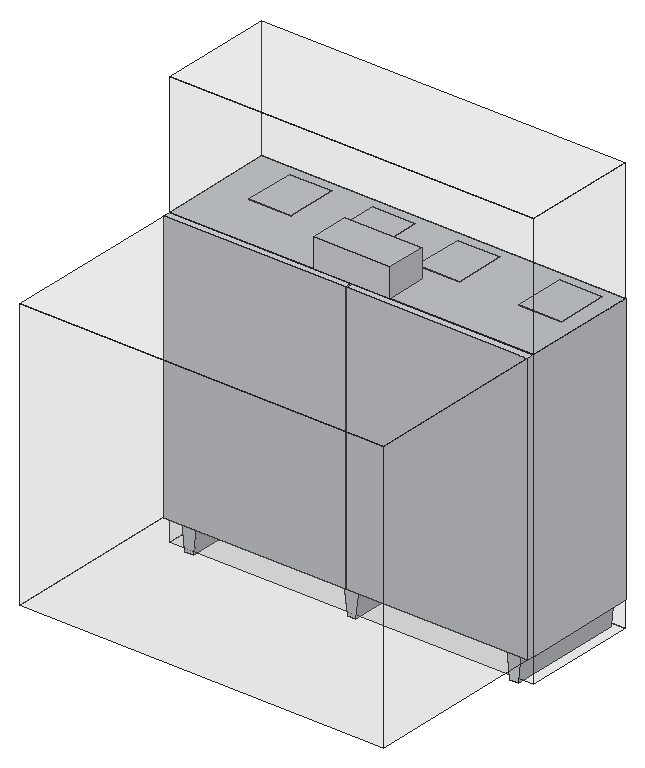
Revit family "AHU 1 _1", category Mechanické zařízení, Revit 2018
Family settings
  Kóta kulaté spojky = Použít průměr
  Typ dílu = Normální
  Číslo OmniClass = 23.75.00.00
  Nadpis OmniClass = Climate Control (HVAC)
  Založené na pracovní rovině = Ne
  Vždy vertikální = Ano
  Ořezat dutým tvarem při načtení = Ne
  Sdílené = Ne
  Bod výpočtu místnosti = Ne
Parameters (values of type "DUPLEXVENT Flexi-V DV1800-V (RD5)")
  Width [instance] = 0.725 mm
  Weight [instance] = 409.00 kg
  URL = ""
  Type [instance] = "DUPLEXVENT Flexi-V DV1800-V (RD5)"
  Total_SFP [instance] = 0
  Supply_outlet_hum [instance] = 90
  Supply_inlet_hum [instance] = 90
  Supply_ext_pressure [instance] = 0.0 Pa
  Supply_SFP [instance] = 0
  Source_adu_file [instance] = ""
  Recuperation_type [instance] = "Plate heat recovery exchanger"
  Recuperation_efficiency_EN308 [instance] = 0
  Project_name [instance] = ""
  Project_date [instance] = "9.3.2022"
  Power_supply_fusing [instance] = "0"
  Power_supply_cable [instance] = "0"
  Position [instance] = "AHU 1 "
  Phases_count [instance] = 1
  Panel_thickness [instance] = 0.06 mm
  Outer_surface [instance] = "RAL 9002"
  Length [instance] = 2.15 mm
  Insulation_type [instance] = "PUR"
  Insulation_thickness [instance] = 0.05 mm
  Installation_environment [instance] = ""
  Input_power_max [instance] = 1560 W
  Inner_surface [instance] = "Pozink"
  I2 [instance] = I1  # 0.0 L/s
  Height [instance] = 1.6 mm
  Exhaust_outlet_hum [instance] = 0
  Exhaust_inlet_hum [instance] = 40
  Exhaust_ext_pressure [instance] = 0.0 Pa
  Exhaust_SFP [instance] = 0
  E1 [instance] = E2 - M1  # 0.0 L/s
  E2 [instance] = 0.0 L/s
  I1 [instance] = 0.0 L/s
  Description = ""
  M1 [instance] = 0.0 L/s
  Device_dutypoint_version [instance] = "3"
  Device_design_version [instance] = "19"
  Device_adu_id [instance] = "1"
  Current_max [instance] = 7.8 A
  Casing_mat [instance] = "painted zinc layer"
  Cable type [instance] = "CYKY 3Jx2,5"
Reference planes
  plane 1 "Střed (vpředu/vzadu)": y = 0
  plane 2 "ref": z = 0
  plane 3 "Střed (vlevo/vpravo)": x = 0
Forms (mm)
  Sweep 1, solid
    path origin (0, 0, 0) x (0, 0, 1) y (1, 0, 0)
      loop
        line (0, 0) -> (1600, 0)
    profile origin (0, 0, 0) x (1, 0, 0) y (0, 1, 0)
      loop
        line (0, 0) -> (2150, 0) -> (2150, 680) -> (0, 680) -> (0, 0)
  Sweep 2, solid
    path origin (824, 474, 1599) x (0, 0, 1) y (1, 0, 0)
      loop
        line (0, 0) -> (1, 0)
    profile origin (824, 474, 1599) x (1, 0, 0) y (0, 1, 0)
      loop
        line (-125, -150) -> (125, -150) -> (125, 150) -> (-125, 150) -> (-125, -150)
  Sweep 3, solid
    path origin (1931, 474, 1599) x (0, 0, 1) y (1, 0, 0)
      loop
        line (0, 0) -> (1, 0)
    profile origin (1931, 474, 1599) x (1, 0, 0) y (0, 1, 0)
      loop
        line (-125, -150) -> (125, -150) -> (125, 150) -> (-125, 150) -> (-125, -150)
  Sweep 4, solid
    path origin (1328, 474, 1599) x (0, 0, 1) y (1, 0, 0)
      loop
        line (0, 0) -> (1, 0)
    profile origin (1328, 474, 1599) x (1, 0, 0) y (0, 1, 0)
      loop
        line (-125, -150) -> (125, -150) -> (125, 150) -> (-125, 150) -> (-125, -150)
  Sweep 5, solid
    path origin (332, 474, 1599) x (0, 0, 1) y (1, 0, 0)
      loop
        line (0, 0) -> (1, 0)
    profile origin (332, 474, 1599) x (1, 0, 0) y (0, 1, 0)
      loop
        line (-125, -150) -> (125, -150) -> (125, 150) -> (-125, 150) -> (-125, -150)
  Sweep 6, solid
    path origin (263, 52, 0) x (0, -1, 0) y (0, 0, 1)
      loop
        line (0, 0) -> (0, -30)
    profile origin (263, 52, 0) x (-1, 0, 0) y (0, -1, 0)
      loop
        circle (0, 0) r 16
  Sweep 7, solid
    path origin (1887, 52, 0) x (0, -1, 0) y (0, 0, 1)
      loop
        line (0, 0) -> (0, -30)
    profile origin (1887, 52, 0) x (-1, 0, 0) y (0, -1, 0)
      loop
        circle (0, 0) r 16
  Sweep 8, solid, material "Servisní prostor"
    path origin (0, 0, 0) x (0, 0, 1) y (1, 0, 0)
      loop
        line (0, 0) -> (1600, 0)
    profile origin (0, 0, 0) x (1, 0, 0) y (0, 1, 0)
      loop
        line (0, -1110) -> (2150, -1110) -> (2150, 0) -> (0, 0) -> (0, -1110)
  Sweep 9, solid, material "Servisní prostor"
    path origin (0, 0, 1600) x (0, 0, 1) y (1, 0, 0)
      loop
        line (0, 0) -> (720, 0)
    profile origin (0, 0, 1600) x (1, 0, 0) y (0, 1, 0)
      loop
        line (0, 0) -> (2150, 0) -> (2150, 680) -> (0, 680) -> (0, 0)
  Sweep 10, solid, material "Servisní prostor"
    path origin (0, 0, -150) x (0, 0, 1) y (1, 0, 0)
      loop
        line (0, 0) -> (150, 0)
    profile origin (0, 0, -150) x (1, 0, 0) y (0, 1, 0)
      loop
        line (0, 680) -> (0, 0) -> (2150, 0) -> (2150, 680) -> (0, 680)
  Sweep 11, solid
    path origin (0, 0, 0) x (0, 0, 1) y (1, 0, 0)
      loop
        line (0, 0) -> (1600, 0)
    profile origin (0, 0, 0) x (1, 0, 0) y (0, 1, 0)
      loop
        line (0, -45) -> (1075, -45) -> (1075, -5) -> (0, -5) -> (0, -45)
  Sweep 12, solid
    path origin (0, 0, 0) x (0, 0, 1) y (1, 0, 0)
      loop
        line (0, 0) -> (1600, 0)
    profile origin (0, 0, 0) x (1, 0, 0) y (0, 1, 0)
      loop
        line (1075, -45) -> (2150, -45) -> (2150, -5) -> (1075, -5) -> (1075, -45)
  Sweep 13, solid
    path origin (112, 680, 0) x (1, 0, 0) y (0, 1, 0)
      loop
        line (0, 0) -> (0, -680)
    profile origin (112, 680, 0) x (1, 0, 0) y (0, 0, 1)
      loop
        line (-45, 0) -> (-25, -170) -> (25, -170) -> (45, 0) -> (-45, 0)
  Sweep 14, solid
    path origin (2038, 680, 0) x (1, 0, 0) y (0, 1, 0)
      loop
        line (0, 0) -> (0, -680)
    profile origin (2038, 680, 0) x (1, 0, 0) y (0, 0, 1)
      loop
        line (-45, 0) -> (-25, -170) -> (25, -170) -> (45, 0) -> (-45, 0)
  Sweep 15, solid
    path origin (1075, 680, 0) x (1, 0, 0) y (0, 1, 0)
      loop
        line (0, 0) -> (0, -680)
    profile origin (1075, 680, 0) x (1, 0, 0) y (0, 0, 1)
      loop
        line (-45, 0) -> (-25, -170) -> (25, -170) -> (45, 0) -> (-45, 0)
  Sweep 16, solid
    path origin (0, 0, 1600) x (0, 0, 1) y (1, 0, 0)
      loop
        line (0, 0) -> (168, 0)
    profile origin (0, 0, 1600) x (1, 0, 0) y (0, 1, 0)
      loop
        line (848, 0) -> (1302, 0) -> (1302, 233) -> (848, 233) -> (848, 0)
  Sweep 17, solid
    path origin (848, 117, 1684) x (0, 0, -1) y (1, 0, 0)
      loop
        line (0, 0) -> (0, -1)
    profile origin (848, 117, 1684) x (0, 0, -1) y (0, -1, 0)
      loop
        circle (0, 0) r 10
Lines and regions (mm)
  model lines, style "Symbol"
    curve 1: line (1075, -45, 1600) -> (1075, -45, 960)
    curve 2: line (537, -45, 1600) -> (537, -45, 480)
    curve 3: line (537, -45, 480) -> (595, -45, 480)
    curve 4: line (1613, -45, 1600) -> (1613, -45, 480)
    curve 5: line (1613, -45, 480) -> (1555, -45, 480)
    curve 6: line (595, -45, 480) -> (835, -45, 960)
    curve 7: line (835, -45, 960) -> (1315, -45, 960)
    curve 8: line (1315, -45, 960) -> (1555, -45, 480)
    curve 9: line (1555, -45, 480) -> (1315, -45, 0)
    curve 10: line (1315, -45, 0) -> (1075, -45, 0)
    curve 11: line (1075, -45, 0) -> (835, -45, 0)
    curve 12: line (835, -45, 0) -> (595, -45, 480)
    curve 13: line (1739, -45, 1140) -> (1793, -45, 1460)
    curve 14: line (2024, -45, 1140) -> (1969, -45, 1460)
    curve 15: line (126, -45, 1140) -> (181, -45, 1460)
    curve 16: line (411, -45, 1140) -> (357, -45, 1460)
    curve 17: line (591, -45, 1280) -> (1021, -45, 1280)
    curve 18: line (1021, -45, 1280) -> (1021, -45, 1120)
    curve 19: line (1021, -45, 1120) -> (591, -45, 1120)
    curve 20: line (591, -45, 1120) -> (591, -45, 1280)
    curve 21: line (591, -45, 1200) -> (806, -45, 1120)
    curve 22: line (1021, -45, 1200) -> (806, -45, 1120)
    curve 23: line (1129, -45, 1280) -> (1559, -45, 1280)
    curve 24: line (1559, -45, 1280) -> (1559, -45, 1120)
    curve 25: line (1559, -45, 1120) -> (1129, -45, 1120)
    curve 26: line (1129, -45, 1120) -> (1129, -45, 1280)
    curve 27: line (1129, -45, 1200) -> (1344, -45, 1120)
    curve 28: line (1559, -45, 1200) -> (1344, -45, 1120)
    curve 29: line (486, -45, 547) -> (704, -45, 974)
    curve 30: line (704, -45, 974) -> (800, -45, 925)
    curve 31: line (800, -45, 925) -> (582, -45, 498)
    curve 32: line (582, -45, 498) -> (486, -45, 547)
    curve 33: line (629, -45, 803) -> (744, -45, 840)
    curve 34: line (542, -45, 632) -> (657, -45, 669)
    curve 35: line (0, -45, 0) -> (1075, -45, 0)
    curve 36: line (0, -45, 1600) -> (1075, -45, 1600)
    curve 37: line (0, -45, 0) -> (0, -45, 1600)
    curve 38: line (1075, -45, 0) -> (1075, -45, 1600)
    curve 39: line (0, -45, 0) -> (0, -5, 0)
    curve 40: line (1075, -45, 0) -> (1075, -5, 0)
    curve 41: line (0, -45, 1600) -> (0, -5, 1600)
    curve 42: line (1075, -45, 1600) -> (1075, -5, 1600)
    curve 43: line (1075, -45, 0) -> (2150, -45, 0)
    curve 44: line (1075, -45, 1600) -> (2150, -45, 1600)
    curve 45: line (1075, -45, 0) -> (1075, -45, 1600)
    curve 46: line (2150, -45, 0) -> (2150, -45, 1600)
    curve 47: line (1075, -45, 0) -> (1075, -5, 0)
    curve 48: line (2150, -45, 0) -> (2150, -5, 0)
    curve 49: line (1075, -45, 1600) -> (1075, -5, 1600)
    curve 50: line (2150, -45, 1600) -> (2150, -5, 1600)
    curve 51: circle (1881, -45, 1280) r 200 normal (0, -1, 0)
    curve 52: circle (269, -45, 1280) r 200 normal (0, -1, 0)
    curve 53: circle (687, -45, 822) r 16 normal (0, -1, 0)
    curve 54: circle (599, -45, 650) r 16 normal (0, -1, 0)
Dimensions and locks
  aligned and locked: level to plane 2 "ref"
Connectors
  hvac at (824, 474, 1600), driven by "E1"
    settings: on Sweep 2, index 1, duct flow 0.0 L/s, flow factor 0, pres drop 0.0 Pa, loss coef 0, conn angle 0.00°, conn width 300 mm, conn height 250 mm, conn diameter 609.6 mm, duct sys type 1, conn prof type 1, flow config 1, flow direction 1, loss method 0, conn ref index -1, conn util no, is conn primary yes, conn desc ""
  hvac at (1931, 474, 1600), driven by "E2"
    settings: on Sweep 3, index 2, duct flow 0.0 L/s, flow factor 1, pres drop 0.0 Pa, loss coef 0, conn angle 0.00°, conn width 300 mm, conn height 250 mm, conn diameter 609.6 mm, duct sys type 1, conn prof type 1, flow config 2, flow direction 2, loss method 0, conn ref index -1, conn util no, is conn primary no, conn desc ""
  hvac at (1328, 474, 1600), driven by "I1"
    settings: on Sweep 4, index 3, duct flow 0.0 L/s, flow factor 1, pres drop 0.0 Pa, loss coef 0, conn angle 0.00°, conn width 300 mm, conn height 250 mm, conn diameter 609.6 mm, duct sys type 3, conn prof type 1, flow config 2, flow direction 1, loss method 0, conn ref index -1, conn util no, is conn primary no, conn desc ""
  hvac at (332, 474, 1600), driven by "I2"
    settings: on Sweep 5, index 4, duct flow 0.0 L/s, flow factor 0, pres drop 0.0 Pa, loss coef 0, conn angle 0.00°, conn width 300 mm, conn height 250 mm, conn diameter 609.6 mm, duct sys type 3, conn prof type 1, flow config 1, flow direction 2, loss method 0, conn ref index -1, conn util no, is conn primary no, conn desc ""
  piping at (263, 52, -30), diameter 22
    settings: on Sweep 6, index 5, connector inside diameter 609.6 mm, connector length 0 mm, flow factor 0, pipe flow 0.0 L/s, pressure drop 0.0 Pa, fitting loss kfactor 0, connector angle 0.00°, fixture units 0, engagement length 0 mm, angle of deflection 0.00°, flow configuration 1, flow direction 2, fitting loss method 0, system type 16, joint type 0, gender type 0, connector reference index -1, connector utility 0, adjustable connector no, is connector primary yes, connector description ""
  piping at (1887, 52, -30), diameter 22
    settings: on Sweep 7, index 6, connector inside diameter 609.6 mm, connector length 0 mm, flow factor 0, pipe flow 0.0 L/s, pressure drop 0.0 Pa, fitting loss kfactor 0, connector angle 0.00°, fixture units 0, engagement length 0 mm, angle of deflection 0.00°, flow configuration 1, flow direction 2, fitting loss method 0, system type 16, joint type 0, gender type 0, connector reference index -1, connector utility 0, adjustable connector no, is connector primary no, connector description ""
  electrical at (847, 117, 1684)
    settings: on Sweep 17, index 7, voltage 230 V, apparent load 0 VA, apparent load phase1 0 VA, apparent load phase2 0 VA, apparent load phase3 0 VA, power factor 1, load classification "Další", number of poles 1, system type 31, power factor state 1, is connector primary yes, connector utility no, sub classification motor no, connector description ""
